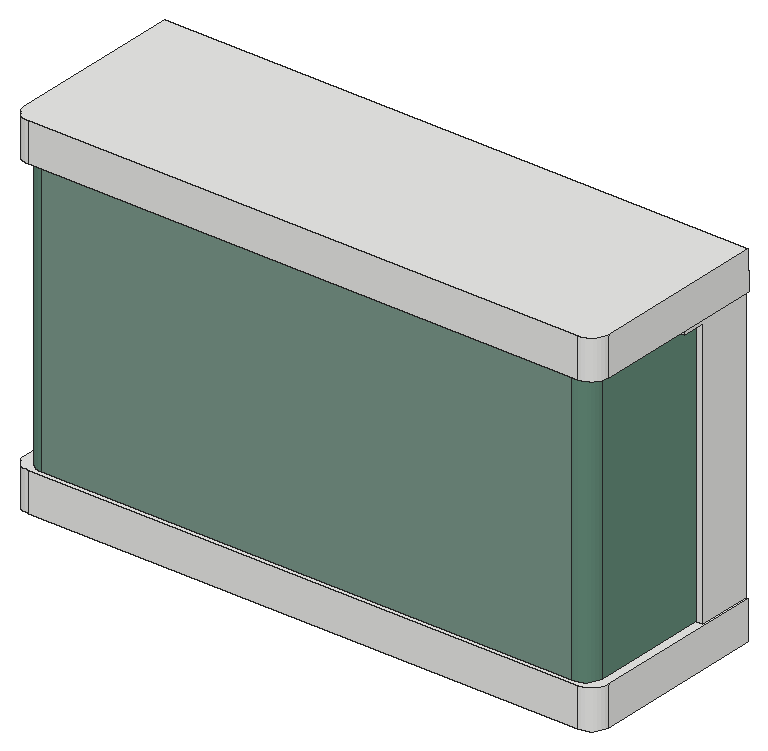
Revit family "ESC 0,5 LED EMERGENCY EXIT LIGHT TW41651WK", category Electrical Fixtures, Revit 2015
Parameters (values of type "-arrow right")
  Width = 204 mm  # constant formula
  Viewing Distance = 20000 mm  # constant formula
  Type Comments = "PB4162BE"
  Right = yes
  Product Code = "TW41651WK"  # constant formula
  Pictogram = Teknoware Pictogram PB4162BE
  Model = "ESC 0.5"  # constant formula
  Manufacturer = "Teknoware Oy"  # constant formula
  Left = no
  Height = 123 mm  # constant formula
  Down = no
  Depth = 67 mm  # constant formula
Types (3, lengths in mm): name | Type Comments | Right | Pictogram | Left | Down
  -arrow left | "PB4161BE" | no | Teknoware Pictogram PB4161BE | yes | no
  -arrow right | "PB4162BE" | yes | Teknoware Pictogram PB4162BE | no | no
  -arrow down | "PB4171BE" | no | Teknoware Pictogram PB4171BE | no | yes
Reference planes
  plane 1 "Center (Front/Back)": y = 0
  plane 2: z = 0
  plane 3 "Center (Left/Right)": x = 0
  plane 4 "Left": x = -102
  plane 5 "Right": x = 102
  plane 6 "Back": y = 33.5
  plane 7 "Front": y = -33.5
  plane 8: y = -108.5
  plane 9: z = -123
Dimensions and locks
  equal spacing: plane 7 "Front", plane 1 "Center (Front/Back)", plane 6 "Back"
  "Depth": plane 7 "Front" to plane 6 "Back"
  equal spacing: plane 4 "Left", plane 3 "Center (Left/Right)", plane 5 "Right"
  "Width": plane 4 "Left" to plane 5 "Right"
  locked: plane 8 to plane 7 "Front" at 75
  "Height": plane 2 to plane 9
  aligned and locked: level to plane 2
  aligned and locked: plane 3 "Center (Left/Right)" to nested 1
  aligned and locked: plane 1 "Center (Front/Back)" to nested 1
  aligned and locked: plane 3 "Center (Left/Right)" to nested 2
  aligned and locked: plane 1 "Center (Front/Back)" to nested 2
  aligned and locked: plane 3 "Center (Left/Right)" to nested 3
  aligned and locked: plane 1 "Center (Front/Back)" to nested 3
  aligned and locked: plane 3 "Center (Left/Right)" to nested 4
  aligned and locked: plane 8 to nested 4
  aligned and locked: level to nested 1
  aligned and locked: plane 8 to nested 5
  aligned and locked: nested 6 to plane 8
  aligned and locked: plane 3 "Center (Left/Right)" to nested 6
  aligned and locked: plane 3 "Center (Left/Right)" to nested 5
Nested families
  nested 1: "TW41651WK runko" at (493, 284, -123), type "TW41651WK runko"
  nested 2: "Teknoware 2D DET" at (0, 0, 0), Width <- "Width", Depth <- "Depth", type "Teknoware 2D DET"
    with Width 204 mm, Depth 67 mm
  nested 3: "TW41651WK opaste" at (493, 284, -123), Pictoram <- "Pictogram", type "TW41651WK opaste"
    with Pictoram Teknoware Pictogram PB4162BE
  nested 4: "2D nuoli sivulle" at (0, -108.5, 0), visible <- "Right", type "2D nuoli sivulle"
  nested 5: "2D nuoli alas" at (0, -108.5, 0), visible <- "Down", type "2D nuoli alas"
  nested 6: "2D nuoli sivulle" at (0, -108.5, 0) x (-1, 0, 0) z (0, 0, 1), visible <- "Left", type "2D nuoli sivulle"
Definition of nested family "TW41651WK runko"
  Parameters (values of type "TW41651WK runko")
    URL = ""
    Type Image = (empty or 0)
    Manufacturer = ""
    Description = ""
  Reference planes
    plane 1 "Center (Front/Back)": y = -284
    plane 2 "Ref1": z = 0
    plane 3 "Center (Left/Right)": x = -493
    plane 4: z = 123
    plane 5: z = 61.5
    plane 6: x = -595
    plane 7: x = -391
    plane 8: y = -250.5
    plane 9: y = -317.5
  Forms (mm)
    Extrusion 1, solid
      sketch origin (0, 0, 0) x (1, 0, 0) y (0, 1, 0)
        loop
          line (-595, -250.5) -> (-595, -311.5)
          arc (-595, -311.5) -> (-593.243, -315.743) -> (-589, -317.5) r 6
          line (-589, -317.5) -> (-397, -317.5)
          arc (-397, -317.5) -> (-392.757, -315.743) -> (-391, -311.5) r 6
          line (-391, -311.5) -> (-391, -250.5) -> (-595, -250.5)
      from 109.5 to 123
    Extrusion 2, solid
      sketch origin (0, 0, 0) x (1, 0, 0) y (0, 1, 0)
        loop
          line (-595, -250.5) -> (-595, -311.5)
          arc (-595, -311.5) -> (-593.243, -315.743) -> (-589, -317.5) r 6
          line (-589, -317.5) -> (-397, -317.5)
          arc (-397, -317.5) -> (-392.757, -315.743) -> (-391, -311.5) r 6
          line (-391, -311.5) -> (-391, -250.5) -> (-595, -250.5)
      from 0 to 13.5
    Extrusion 3, solid
      sketch origin (-493, 0, 0) x (0, 1, 0) y (0, 0, 1)
        loop
          line (-277.169, 109.5) -> (-277.169, 107.542) -> (-269.161, 107.542) -> (-269.161, 13.5) -> (-250.5, 13.5) -> (-250.5, 109.5) -> (-277.169, 109.5)
      from -101 to -99
    Extrusion 4, solid
      sketch origin (-493, 0, 0) x (0, 1, 0) y (0, 0, -1)
        loop
          line (-277.169, -109.5) -> (-250.5, -109.5) -> (-250.5, -13.5) -> (-269.161, -13.5) -> (-269.161, -107.542) -> (-277.169, -107.542) -> (-277.169, -109.5)
      from -101 to -99
    Extrusion 5, solid
      sketch origin (0, 0, 0) x (1, 0, 0) y (0, 1, 0)
        loop
          line (-592, -250.5) -> (-592, -252.5) -> (-394, -252.5) -> (-394, -250.5) -> (-592, -250.5)
      from 13.5 to 109.5
  Cuts and joins
    joined: Extrusion 1, Extrusion 2, Extrusion 3, Extrusion 4, Extrusion 5
  Dimensions and locks
    equal spacing: plane 4, plane 5, plane 2 "Ref1"
    plane 4 to plane 2 "Ref1" = 123 mm
    locked: plane 7 to plane 6 at 204
    equal spacing: plane 7, plane 3 "Center (Left/Right)", plane 6
    locked: plane 8 to plane 9 at 67
    equal spacing: plane 8, plane 1 "Center (Front/Back)", plane 9
    aligned and locked: level to plane 2 "Ref1"
  Automatic sketch dimensions
    Extrusion 1 sketch curve to plane 6 = 0 mm
    Extrusion 1 sketch curve to plane 9 = 0 mm
    Extrusion 1 sketch curve to plane 7 = 0 mm
    Extrusion 1 sketch curve to plane 8 = 0 mm
    plane 6 to Extrusion 1 sketch curve = 6 mm
    Extrusion 1 sketch curve to Extrusion 1 sketch curve = 6 mm
    Extrusion 2 sketch curve to plane 6 = 0 mm
    Extrusion 2 sketch curve to plane 9 = 0 mm
    Extrusion 2 sketch curve to plane 7 = 0 mm
    Extrusion 2 sketch curve to plane 8 = 0 mm
    plane 6 to Extrusion 2 sketch curve = 6 mm
    Extrusion 2 sketch curve to Extrusion 2 sketch curve = 6 mm
    Extrusion 3 sketch curve to plane 8 = 0 mm
    Extrusion 3 sketch curve to plane 1 "Center (Front/Back)" = 14.839 mm
    Extrusion 3 sketch curve to plane 1 "Center (Front/Back)" = 6.831 mm
    level to Extrusion 3 sketch curve = 13.5 mm
    Extrusion 3 sketch curve to plane 4 = 15.458 mm
    Extrusion 3 sketch curve to Extrusion 3 sketch curve = 1.958 mm
    Extrusion 4 sketch curve to plane 8 = 0 mm
    Extrusion 4 sketch curve to plane 1 "Center (Front/Back)" = 14.839 mm
    Extrusion 4 sketch curve to plane 1 "Center (Front/Back)" = 6.831 mm
    Extrusion 4 sketch curve to plane 4 = 13.5 mm
    Extrusion 4 sketch curve to Extrusion 4 sketch curve = 1.958 mm
    level to Extrusion 4 sketch curve = 13.5 mm
    Extrusion 5 sketch curve to plane 8 = 0 mm
    plane 6 to Extrusion 5 sketch curve = 3 mm
    plane 7 to Extrusion 5 sketch curve = 3 mm
    Extrusion 5 sketch curve to plane 8 = 2 mm
Definition of nested family "TW41651WK opaste"
  Parameters (values of type "TW41651WK opaste")
    URL = ""
    Type Image = (empty or 0)
    Pictoram [instance] = none
    Manufacturer = ""
    Description = ""
  Reference planes
    plane 1 "Center (Front/Back)": y = -284
    plane 2 "Ref1": z = 0
    plane 3 "Center (Left/Right)": x = -493
    plane 4: z = 123
    plane 5: z = 61.5
    plane 6: x = -595
    plane 7: x = -391
    plane 8: y = -250.5
    plane 9: y = -317.5
  Forms (mm)
    Extrusion 1, solid
      sketch origin (0, 0, 0) x (1, 0, 0) y (0, 1, 0)
        loop
          line (-591.618, -252.5) -> (-591.618, -310)
          arc (-591.618, -310) -> (-589.861, -314.243) -> (-585.618, -316) r 6
          line (-585.618, -316) -> (-400.382, -316)
          arc (-400.382, -316) -> (-396.139, -314.243) -> (-394.382, -310) r 6
          line (-394.382, -310) -> (-394.382, -252.5) -> (-396.382, -252.5) -> (-396.382, -310)
          arc (-396.382, -310) -> (-397.553, -312.828) -> (-400.382, -314) r 4
          line (-400.382, -314) -> (-585.618, -314)
          arc (-585.618, -314) -> (-588.447, -312.828) -> (-589.618, -310) r 4
          line (-589.618, -310) -> (-589.618, -252.5) -> (-591.618, -252.5)
      from 13.5 to 109.5
  Dimensions and locks
    equal spacing: plane 4, plane 5, plane 2 "Ref1"
    plane 4 to plane 2 "Ref1" = 123 mm
    locked: plane 7 to plane 6 at 204
    equal spacing: plane 7, plane 3 "Center (Left/Right)", plane 6
    locked: plane 8 to plane 9 at 67
    equal spacing: plane 8, plane 1 "Center (Front/Back)", plane 9
    aligned and locked: level to plane 2 "Ref1"
  Automatic sketch dimensions
    Extrusion 1 sketch curve to Extrusion 1 sketch curve = 0 mm  (x4)
    plane 6 to Extrusion 1 sketch curve = 3.382 mm
    Extrusion 1 sketch curve to Extrusion 1 sketch curve = 2 mm
    Extrusion 1 sketch curve to Extrusion 1 sketch curve = 4 mm
    plane 7 to Extrusion 1 sketch curve = 9.382 mm
    plane 7 to Extrusion 1 sketch curve = 5.382 mm
    plane 9 to Extrusion 1 sketch curve = 1.5 mm
    Extrusion 1 sketch curve to plane 1 "Center (Front/Back)" = 31.5 mm  (x2)
Definition of nested family "Teknoware 2D DET"
  Parameters (values of type "Teknoware 2D DET")
    Width [instance] = 520 mm
    Depth [instance] = 400 mm
  Reference planes
    plane 1 "Center (Front/Back)": y = 0
    plane 2: z = 0
    plane 3 "Center (Left/Right)": x = 0
    plane 4: x = -260
    plane 5: x = 260
    plane 6: y = -200
    plane 7: y = 200
  Lines and regions (mm)
    detail lines, in view "Ref. Level"
      curve 1: line (-260, 200, 0) -> (260, 200, 0)
      curve 2: line (-260, -200, 0) -> (-260, 200, 0)
      curve 3: line (260, -200, 0) -> (-260, -200, 0)
      curve 4: line (260, 200, 0) -> (260, -200, 0)
      curve 5: line (-260, -200, 0) -> (260, 200, 0)
      curve 6: line (-260, 200, 0) -> (260, -200, 0)
  Dimensions and locks
    equal spacing: plane 7, plane 1 "Center (Front/Back)", plane 6
    equal spacing: plane 4, plane 3 "Center (Left/Right)", plane 5
    "Depth": plane 7 to plane 6
    "Width": plane 4 to plane 5
    aligned and locked: curve 1 to plane 7
    aligned and locked: plane 4 to curve 2
    aligned and locked: plane 6 to curve 3
    aligned and locked: plane 5 to curve 4
Definition of nested family "2D nuoli sivulle"
  Reference planes
    plane 1 "Center (Front/Back)": y = 0
    plane 2: z = 0
    plane 3 "Center (Left/Right)": x = 0
  Lines and regions (mm)
    Filled region 1, type "Green Filled", in view "Ref. Level"
      outline origin (0, 0, 0) x (1, 0, 0) y (0, 1, 0)
        loop
          line (-99.857, 0) -> (-99.857, -100) -> (99.857, -100) -> (99.857, 0) -> (-99.857, 0)
        loop
          arc (-31.923, -44.203) -> (-32.287, -44.046) -> (-32.607, -44.281) r 0.4
          line (-32.607, -44.281) -> (-36.639, -53.338)
          arc (-36.639, -53.338) -> (-36.724, -53.76) -> (-36.624, -54.178) r 0.994
          line (-36.624, -54.178) -> (-21.817, -84.536) -> (-27.712, -84.536)
          arc (-27.712, -84.536) -> (-30.096, -83.87) -> (-31.791, -82.065) r 4.603
          line (-31.791, -82.065) -> (-43.712, -59.255)
          arc (-43.712, -59.255) -> (-44.051, -59.09) -> (-44.307, -59.368) r 0.316
          line (-44.307, -59.368) -> (-45.505, -70.534)
          arc (-45.505, -70.534) -> (-46.482, -73.238) -> (-49.121, -74.379) r 3.623
          line (-49.121, -74.379) -> (-74.77, -74.379)
          arc (-74.77, -74.379) -> (-72.239, -69.16) -> (-66.837, -67.046) r 7.958
          line (-66.837, -67.046) -> (-53.724, -67.046)
          arc (-53.724, -67.046) -> (-53.159, -66.823) -> (-52.898, -66.276) r 0.827
          line (-52.898, -66.276) -> (-52.102, -54.815)
          arc (-52.102, -54.815) -> (-51.859, -52.833) -> (-51.41, -50.887) r 19.079
          line (-51.41, -50.887) -> (-45.738, -39.258) -> (-51.391, -39.258)
          arc (-51.391, -39.258) -> (-52.105, -39.447) -> (-52.63, -39.965) r 1.439
          line (-52.63, -39.965) -> (-57.784, -48.688)
          arc (-57.784, -48.688) -> (-61.673, -49.25) -> (-63.056, -45.573) r 3.135
          line (-63.056, -45.573) -> (-57.765, -36.409)
          arc (-57.765, -36.409) -> (-55.741, -34.384) -> (-52.975, -33.643) r 5.532
          line (-52.975, -33.643) -> (-35.016, -33.643)
          arc (-35.016, -33.643) -> (-32.468, -34.219) -> (-30.417, -35.836) r 5.918
          line (-30.417, -35.836) -> (-23.238, -44.702) -> (-14.74, -44.702) -> (-14.74, -12.003) -> (-66.843, -12.003) -> (-66.843, -65.836)
          arc (-66.843, -65.836) -> (-73.933, -68.773) -> (-76.87, -75.863) r 10.027
          line (-76.87, -75.863) -> (-66.891, -75.863) -> (-66.891, -87.015) -> (-71.979, -92.103) -> (-37.454, -92.103) -> (-31.927, -86.949)
          arc (-31.927, -86.949) -> (-30.718, -86.187) -> (-29.314, -85.92) r 3.832
          line (-29.314, -85.92) -> (-23.096, -85.92) -> (-29.279, -92.103) -> (-19.444, -92.103) -> (-14.74, -87.399) -> (-14.74, -50.784) -> (-24.352, -50.784)
          arc (-24.352, -50.784) -> (-26.689, -50.233) -> (-28.536, -48.697) r 5.239
          line (-28.536, -48.697) -> (-31.923, -44.203)
        loop
          circle (-33.592, -25.92) r 6.244
        loop
          line (14.74, -41.845) -> (14.74, -58.147) -> (47.241, -58.147) -> (27.498, -77.89) -> (48.584, -77.89) -> (79.563, -49.996) -> (48.584, -22.103) -> (27.498, -22.103) -> (47.241, -41.845) -> (14.74, -41.845)
    Filled region 2, type "White Fill", in view "Ref. Level"
      outline origin (0, 0, 0) x (1, 0, 0) y (0, 1, 0)
        loop
          arc (-57.765, -36.409) -> (-55.741, -34.384) -> (-52.975, -33.643) r 5.532
          line (-52.975, -33.643) -> (-35.016, -33.643)
          arc (-35.016, -33.643) -> (-32.468, -34.219) -> (-30.417, -35.836) r 5.918
          line (-30.417, -35.836) -> (-23.238, -44.702) -> (-14.74, -44.702) -> (-14.74, -12.003) -> (-66.843, -12.003) -> (-66.843, -65.836)
          arc (-66.843, -65.836) -> (-73.933, -68.773) -> (-76.87, -75.863) r 10.027
          line (-76.87, -75.863) -> (-66.891, -75.863) -> (-66.891, -87.015) -> (-71.979, -92.103) -> (-37.454, -92.103) -> (-31.927, -86.949)
          arc (-31.927, -86.949) -> (-30.718, -86.187) -> (-29.314, -85.92) r 3.832
          line (-29.314, -85.92) -> (-23.096, -85.92) -> (-29.279, -92.103) -> (-19.444, -92.103) -> (-14.74, -87.399) -> (-14.74, -50.784) -> (-24.352, -50.784)
          arc (-24.352, -50.784) -> (-26.689, -50.233) -> (-28.536, -48.697) r 5.239
          line (-28.536, -48.697) -> (-31.923, -44.203)
          arc (-31.923, -44.203) -> (-32.287, -44.046) -> (-32.607, -44.281) r 0.4
          line (-32.607, -44.281) -> (-36.639, -53.338)
          arc (-36.639, -53.338) -> (-36.724, -53.76) -> (-36.624, -54.178) r 0.994
          line (-36.624, -54.178) -> (-21.817, -84.536) -> (-27.712, -84.536)
          arc (-27.712, -84.536) -> (-30.096, -83.87) -> (-31.791, -82.065) r 4.603
          line (-31.791, -82.065) -> (-43.712, -59.255)
          arc (-43.712, -59.255) -> (-44.051, -59.09) -> (-44.307, -59.368) r 0.316
          line (-44.307, -59.368) -> (-45.505, -70.534)
          arc (-45.505, -70.534) -> (-46.482, -73.238) -> (-49.121, -74.379) r 3.623
          line (-49.121, -74.379) -> (-74.77, -74.379)
          arc (-74.77, -74.379) -> (-72.239, -69.16) -> (-66.837, -67.046) r 7.958
          line (-66.837, -67.046) -> (-53.724, -67.046)
          arc (-53.724, -67.046) -> (-53.159, -66.823) -> (-52.898, -66.276) r 0.827
          line (-52.898, -66.276) -> (-52.102, -54.815)
          arc (-52.102, -54.815) -> (-51.859, -52.833) -> (-51.41, -50.887) r 19.079
          line (-51.41, -50.887) -> (-45.738, -39.258) -> (-51.391, -39.258)
          arc (-51.391, -39.258) -> (-52.105, -39.447) -> (-52.63, -39.965) r 1.439
          line (-52.63, -39.965) -> (-57.784, -48.688)
          arc (-57.784, -48.688) -> (-61.673, -49.25) -> (-63.056, -45.573) r 3.135
          line (-63.056, -45.573) -> (-57.765, -36.409)
        loop
          circle (-33.592, -25.92) r 6.244
        loop
          line (47.241, -41.845) -> (14.74, -41.845) -> (14.74, -58.147) -> (47.241, -58.147) -> (27.498, -77.89) -> (48.584, -77.89) -> (79.563, -49.996) -> (48.584, -22.103) -> (27.498, -22.103) -> (47.241, -41.845)
Definition of nested family "2D nuoli alas"
  Reference planes
    plane 1 "Center (Front/Back)": y = 0
    plane 2: z = 0
    plane 3 "Center (Left/Right)": x = 0
  Lines and regions (mm)
    Filled region 1, type "Green Filled", in view "Ref. Level"
      outline origin (0, 0, 0) x (1, 0, 0) y (0, 1, 0)
        loop
          line (-99.857, 0) -> (-99.857, -100) -> (99.857, -100) -> (99.857, 0) -> (-99.857, 0)
        loop
          arc (-31.923, -44.203) -> (-32.287, -44.046) -> (-32.607, -44.281) r 0.4
          line (-32.607, -44.281) -> (-36.639, -53.338)
          arc (-36.639, -53.338) -> (-36.724, -53.76) -> (-36.624, -54.178) r 0.994
          line (-36.624, -54.178) -> (-21.817, -84.536) -> (-27.712, -84.536)
          arc (-27.712, -84.536) -> (-30.096, -83.87) -> (-31.791, -82.065) r 4.603
          line (-31.791, -82.065) -> (-43.712, -59.255)
          arc (-43.712, -59.255) -> (-44.051, -59.09) -> (-44.307, -59.368) r 0.316
          line (-44.307, -59.368) -> (-45.505, -70.534)
          arc (-45.505, -70.534) -> (-46.482, -73.238) -> (-49.121, -74.379) r 3.623
          line (-49.121, -74.379) -> (-74.77, -74.379)
          arc (-74.77, -74.379) -> (-72.239, -69.16) -> (-66.837, -67.046) r 7.958
          line (-66.837, -67.046) -> (-53.724, -67.046)
          arc (-53.724, -67.046) -> (-53.159, -66.823) -> (-52.898, -66.276) r 0.827
          line (-52.898, -66.276) -> (-52.102, -54.815)
          arc (-52.102, -54.815) -> (-51.859, -52.833) -> (-51.41, -50.887) r 19.079
          line (-51.41, -50.887) -> (-45.738, -39.258) -> (-51.391, -39.258)
          arc (-51.391, -39.258) -> (-52.105, -39.447) -> (-52.63, -39.965) r 1.439
          line (-52.63, -39.965) -> (-57.784, -48.688)
          arc (-57.784, -48.688) -> (-61.673, -49.25) -> (-63.056, -45.573) r 3.135
          line (-63.056, -45.573) -> (-57.765, -36.409)
          arc (-57.765, -36.409) -> (-55.741, -34.384) -> (-52.975, -33.643) r 5.532
          line (-52.975, -33.643) -> (-35.016, -33.643)
          arc (-35.016, -33.643) -> (-32.468, -34.219) -> (-30.417, -35.836) r 5.918
          line (-30.417, -35.836) -> (-23.238, -44.702) -> (-14.74, -44.702) -> (-14.74, -12.003) -> (-66.843, -12.003) -> (-66.843, -65.836)
          arc (-66.843, -65.836) -> (-73.933, -68.773) -> (-76.87, -75.863) r 10.027
          line (-76.87, -75.863) -> (-66.891, -75.863) -> (-66.891, -87.015) -> (-71.979, -92.103) -> (-37.454, -92.103) -> (-31.927, -86.949)
          arc (-31.927, -86.949) -> (-30.718, -86.187) -> (-29.314, -85.92) r 3.832
          line (-29.314, -85.92) -> (-23.096, -85.92) -> (-29.279, -92.103) -> (-19.444, -92.103) -> (-14.74, -87.399) -> (-14.74, -50.784) -> (-24.352, -50.784)
          arc (-24.352, -50.784) -> (-26.689, -50.233) -> (-28.536, -48.697) r 5.239
          line (-28.536, -48.697) -> (-31.923, -44.203)
        loop
          circle (-33.592, -25.92) r 6.244
        loop
          line (55.302, -17.585) -> (39, -17.585) -> (39, -50.086) -> (19.258, -30.343) -> (19.258, -51.429) -> (47.151, -82.408) -> (75.045, -51.429) -> (75.045, -30.343) -> (55.302, -50.086) -> (55.302, -17.585)
    Filled region 2, type "White Fill", in view "Ref. Level"
      outline origin (0, 0, 0) x (1, 0, 0) y (0, 1, 0)
        loop
          arc (-57.765, -36.409) -> (-55.741, -34.384) -> (-52.975, -33.643) r 5.532
          line (-52.975, -33.643) -> (-35.016, -33.643)
          arc (-35.016, -33.643) -> (-32.468, -34.219) -> (-30.417, -35.836) r 5.918
          line (-30.417, -35.836) -> (-23.238, -44.702) -> (-14.74, -44.702) -> (-14.74, -12.003) -> (-66.843, -12.003) -> (-66.843, -65.836)
          arc (-66.843, -65.836) -> (-73.933, -68.773) -> (-76.87, -75.863) r 10.027
          line (-76.87, -75.863) -> (-66.891, -75.863) -> (-66.891, -87.015) -> (-71.979, -92.103) -> (-37.454, -92.103) -> (-31.927, -86.949)
          arc (-31.927, -86.949) -> (-30.718, -86.187) -> (-29.314, -85.92) r 3.832
          line (-29.314, -85.92) -> (-23.096, -85.92) -> (-29.279, -92.103) -> (-19.444, -92.103) -> (-14.74, -87.399) -> (-14.74, -50.784) -> (-24.352, -50.784)
          arc (-24.352, -50.784) -> (-26.689, -50.233) -> (-28.536, -48.697) r 5.239
          line (-28.536, -48.697) -> (-31.923, -44.203)
          arc (-31.923, -44.203) -> (-32.287, -44.046) -> (-32.607, -44.281) r 0.4
          line (-32.607, -44.281) -> (-36.639, -53.338)
          arc (-36.639, -53.338) -> (-36.724, -53.76) -> (-36.624, -54.178) r 0.994
          line (-36.624, -54.178) -> (-21.817, -84.536) -> (-27.712, -84.536)
          arc (-27.712, -84.536) -> (-30.096, -83.87) -> (-31.791, -82.065) r 4.603
          line (-31.791, -82.065) -> (-43.712, -59.255)
          arc (-43.712, -59.255) -> (-44.051, -59.09) -> (-44.307, -59.368) r 0.316
          line (-44.307, -59.368) -> (-45.505, -70.534)
          arc (-45.505, -70.534) -> (-46.482, -73.238) -> (-49.121, -74.379) r 3.623
          line (-49.121, -74.379) -> (-74.77, -74.379)
          arc (-74.77, -74.379) -> (-72.239, -69.16) -> (-66.837, -67.046) r 7.958
          line (-66.837, -67.046) -> (-53.724, -67.046)
          arc (-53.724, -67.046) -> (-53.159, -66.823) -> (-52.898, -66.276) r 0.827
          line (-52.898, -66.276) -> (-52.102, -54.815)
          arc (-52.102, -54.815) -> (-51.859, -52.833) -> (-51.41, -50.887) r 19.079
          line (-51.41, -50.887) -> (-45.738, -39.258) -> (-51.391, -39.258)
          arc (-51.391, -39.258) -> (-52.105, -39.447) -> (-52.63, -39.965) r 1.439
          line (-52.63, -39.965) -> (-57.784, -48.688)
          arc (-57.784, -48.688) -> (-61.673, -49.25) -> (-63.056, -45.573) r 3.135
          line (-63.056, -45.573) -> (-57.765, -36.409)
        loop
          circle (-33.592, -25.92) r 6.244
        loop
          line (55.302, -50.086) -> (55.302, -17.585) -> (39, -17.585) -> (39, -50.086) -> (19.258, -30.343) -> (19.258, -51.429) -> (47.151, -82.408) -> (75.045, -51.429) -> (75.045, -30.343) -> (55.302, -50.086)
